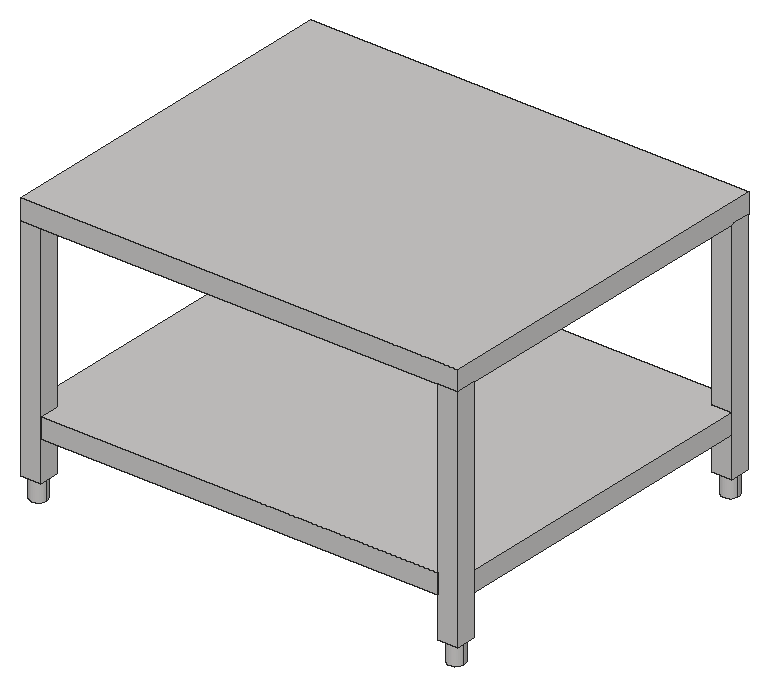
Revit family "QF_ZANUSSI_922612_OPBATRSU61011", category Attrezzature speciali, Revit 2020
Family settings
  Quota connettore circolare = Usa diametro
  Tipo di parte = Normale
  Basato su piano di lavoro = No
  Sempre verticale = Sì
  Taglio con vuoti quando caricato = No
  Condiviso = No
  Punto di calcolo locali = No
Parameters (values of type "Standard")
  Weight = 0.00 kg
  Watts = 0 W
  Volts = 0 V
  URL Manufacturer = ""
  URL = ""
  Steam Supply Size = 0 mm
  Steam Supply Minimum Pressure = 0.0 Pa
  Steam Supply Maximum Pressure = 0.0 Pa
  Steam Consumption per Hour = 0
  Show Clearance [instance] = yes
  Refrigeration Suction Line Size = 0 mm
  Refrigeration Liquid Line Size = 0 mm
  Refrigerant Compressor Remote = yes
  Prospetto di default = 0 mm
  Manufacturer = ""
  Phase = 0
  Model = ""
  Length Actual = 865 mm  # constant formula
  Item Number = ""
  Hot Water Size = 0 mm
  Height Actual = 770 mm  # constant formula
  HP = ""
  Gas Size = 0 mm
  Gas KW = 0
  Gas Input Pressure = 0 W
  Direct Waste Size = 0 mm
  Description = ""
  Depth Actual = 705 mm  # constant formula
  Cycle = 0 Hz
  Condensate Return Size = 0 mm
  Compressed Air Volume = 0.0 L/s
  Compressed Air Size = 0 mm
  Compressed Air Pressure = 0.0 Pa
  Cold Water Size = 0 mm
  Accessory = yes
Reference planes
  plane 1 "Back": y = 0
  plane 2: z = 0
  plane 3 "FRONT": y = -903
  plane 4 "LEFT": x = -126
  plane 5 "RIGHT": x = 964
  plane 6: x = 419
  plane 7 "Centro Avanti/Indietro": y = -451.5
  plane 8: z = 670
  plane 9: z = 335
  plane 10: z = 50
  plane 11: z = 620
  plane 12: y = -50
  plane 13: y = -853
  plane 14: x = -76
  plane 15: x = 914
  plane 16: y = -25
  plane 17: x = -101
  plane 18: z = 150
  plane 19: z = 200
Forms (mm)
  Extrusion 1, solid, material "QF_Finishes_Stainless Steel"
    sketch origin (0, 0, 0) x (1, 0, 0) y (0, 1, 0)
      loop
        line (-126, 0) -> (-126, -903) -> (964, -903) -> (964, 0) -> (-126, 0)
    from 620 to 670
  Extrusion 2, solid, material "QF_Finishes_Stainless Steel"
    sketch origin (0, 0, 0) x (1, 0, 0) y (0, 1, 0)
      loop
        line (-126, 0) -> (-126, -50) -> (-76, -50) -> (-76, 0) -> (-126, 0)
    from 50 to 620
  Extrusion 3, solid, material "QF_Finishes_Stainless Steel"
    sketch origin (0, -903, 0) x (1, 0, 0) y (0, 1, 0)
      loop
        line (-126, 0) -> (-76, 0) -> (-76, 50) -> (-126, 50) -> (-126, 0)
    from 50 to 620
  Extrusion 4, solid, material "QF_Finishes_Stainless Steel"
    sketch origin (838, 0, 0) x (-1, 0, 0) y (0, -1, 0)
      loop
        line (-126, 0) -> (-76, 0) -> (-76, 50) -> (-126, 50) -> (-126, 0)
    from 50 to 620
  Extrusion 5, solid, material "QF_Finishes_Stainless Steel"
    sketch origin (838, -903, 0) x (-1, 0, 0) y (0, -1, 0)
      loop
        line (-126, 0) -> (-126, -50) -> (-76, -50) -> (-76, 0) -> (-126, 0)
    from 50 to 620
  Extrusion 6, solid, material "QF_Finishes_Stainless Steel"
    sketch origin (0, 0, 0) x (1, 0, 0) y (0, 1, 0)
      loop
        line (914, 0) -> (-76, 0) -> (-76, -50) -> (-126, -50) -> (-126, -853) -> (-76, -853) -> (-76, -903) -> (914, -903) -> (914, -853) -> (964, -853) -> (964, -50) -> (914, -50) -> (914, 0)
    from 150 to 200
Dimensions and locks
  plane 5 "RIGHT" to plane 4 "LEFT" = 1090 mm
  plane 4 "LEFT" to plane 5 "RIGHT" = 1090 mm
  plane 3 "FRONT" to plane 1 "Back" = 903 mm
  equal spacing: plane 4 "LEFT", plane 6, plane 5 "RIGHT"
  equal spacing: plane 3 "FRONT", plane 7 "Centro Avanti/Indietro", plane 1 "Back"
  plane 8 to plane 2 = 670 mm
  equal spacing: plane 8, plane 9, plane 2
  plane 2 to plane 10 = 50 mm
  locked: plane 8 to plane 11 at 50
  plane 18 to plane 2 = 150 mm
  locked: plane 19 to plane 18 at 50
  aligned and locked: level to plane 2
  aligned and locked: plane 1 "Back" to Extrusion 1 sketch curve
  aligned and locked: plane 4 "LEFT" to Extrusion 1 sketch curve
  aligned and locked: plane 3 "FRONT" to Extrusion 1 sketch curve
  aligned and locked: plane 5 "RIGHT" to Extrusion 1 sketch curve
  aligned and locked: plane 8 to Extrusion 1
  aligned and locked: plane 11 to Extrusion 1
  aligned and locked: Extrusion 2 sketch curve to Extrusion 1  (x2)
  aligned and locked: Extrusion 2 sketch curve to plane 12
  aligned and locked: Extrusion 2 sketch curve to plane 14
  aligned and locked: Extrusion 2 to plane 11
  aligned and locked: plane 10 to Extrusion 2
  aligned and locked: Extrusion 6 sketch curve to plane 1 "Back"
  aligned and locked: Extrusion 6 sketch curve to plane 3 "FRONT"
  aligned and locked: Extrusion 6 sketch curve to plane 5 "RIGHT"
  aligned and locked: Extrusion 6 sketch curve to plane 4 "LEFT"
  aligned and locked: Extrusion 6 sketch curve to plane 12
  aligned and locked: plane 12 to Extrusion 6 sketch curve
  aligned and locked: Extrusion 6 sketch curve to plane 13  (x2)
  aligned and locked: Extrusion 6 sketch curve to plane 14  (x2)
  aligned and locked: Extrusion 6 sketch curve to plane 15  (x2)
  aligned and locked: Extrusion 6 to plane 19
  aligned and locked: Extrusion 6 to plane 18
Automatic sketch dimensions
  Extrusion 3 sketch curve to plane 4 "LEFT" = 0 mm
  plane 13 to Extrusion 3 sketch curve = 0 mm
  Extrusion 3 sketch curve to plane 14 = 0 mm
  Extrusion 3 sketch curve to plane 3 "FRONT" = 0 mm
  Extrusion 4 sketch curve to plane 5 "RIGHT" = 0 mm
  plane 12 to Extrusion 4 sketch curve = 0 mm
  Extrusion 4 sketch curve to plane 15 = 0 mm
  plane 1 "Back" to Extrusion 4 sketch curve = 0 mm
  Extrusion 5 sketch curve to plane 5 "RIGHT" = 0 mm
  plane 13 to Extrusion 5 sketch curve = 0 mm
  Extrusion 5 sketch curve to plane 15 = 0 mm
  Extrusion 5 sketch curve to plane 3 "FRONT" = 0 mm
Nested families
  nested 1: "Piedino_BASSO_PARAM_STEEL - DISHWASHING" at (-101, -25, 0), type "Piedino_BASSO_PARAM_STEEL - DISHWASHING"
    with MAT_PIEDE QF_Finishes_Stainless Steel, H 50 mm
  nested 2: "Piedino_BASSO_PARAM_STEEL - DISHWASHING" at (939, -25, 0) x (-1, 0, 0) z (0, 0, 1), type "Piedino_BASSO_PARAM_STEEL - DISHWASHING"
    with MAT_PIEDE QF_Finishes_Stainless Steel, H 50 mm
  nested 3: "Piedino_BASSO_PARAM_STEEL - DISHWASHING" at (-101, -878, 0), type "Piedino_BASSO_PARAM_STEEL - DISHWASHING"
    with MAT_PIEDE QF_Finishes_Stainless Steel, H 50 mm
  nested 4: "Piedino_BASSO_PARAM_STEEL - DISHWASHING" at (939, -878, 0) x (-1, 0, 0) z (0, 0, 1), type "Piedino_BASSO_PARAM_STEEL - DISHWASHING"
    with MAT_PIEDE QF_Finishes_Stainless Steel, H 50 mm
Definition of nested family "Piedino_BASSO_PARAM_STEEL - DISHWASHING"
  Parameters (values of type "Piedino_BASSO_PARAM_STEEL - DISHWASHING")
    Default Elevation = 0 mm
    Raggio_Piede = 20 mm
    MAT_PIEDE [instance] = none
    H = 20 mm
  Reference planes
    plane 1: y = 0
    plane 2: z = 0
    plane 3: x = 0
    plane 4: z = 20
  Forms (mm)
    Extrusion 1, solid, material <- "MAT_PIEDE"
      sketch origin (-373.847, 979.72, 0) x (1, 0, 0) y (0, 1, 0)
        loop
          circle (373.847, -979.72) r 20
      from 0 to 20
  Dimensions and locks
    "H": plane 2 to plane 4
    "Raggio_Piede": radius of Extrusion 1 sketch curve
    aligned and locked: level to plane 2
    aligned and locked: Extrusion 1 to plane 4
    aligned and locked: Extrusion 1 to plane 2
  Automatic sketch dimensions
    plane 1 to Extrusion 1 sketch curve = 0 mm
    Extrusion 1 sketch curve to plane 3 = 0 mm
